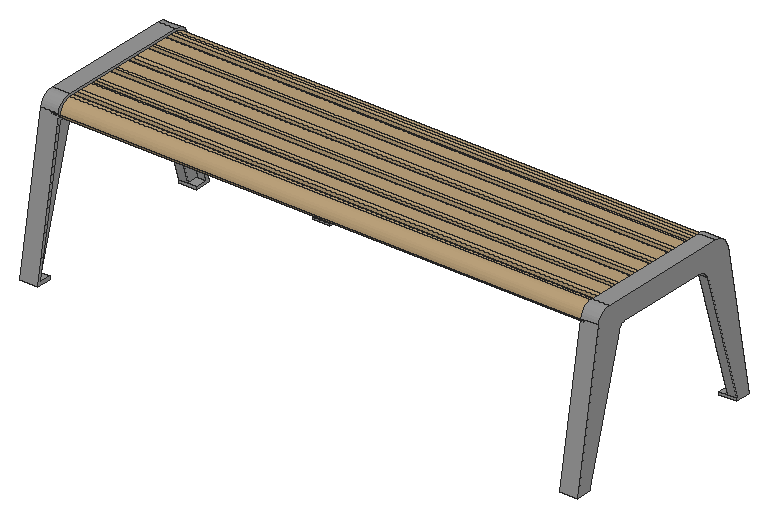
Revit family "L-FUR_벤치_DWB-110_데오스웍스", category 일반 모델, Revit 2019
Family settings
  보강 철근 호스트 가능 = 아니오
  원형 커넥터 치수 = 지름 사용
  부품 유형 = 보통
  작업 기준면 기반 = 아니오
  항상 수직 = 예
  로드될 때 보이드를 사용하여 절단 = 아니오
  공유 = 아니오
  룸 계산 점 = 아니오
Reference planes
  plane 1 "중심(앞/뒤)": y = 0
  plane 2: z = 0
  plane 3 "중심(왼쪽/오른쪽)": x = 0
Dimensions and locks
  aligned and locked: level to plane 2
Nested families
  nested 1: "L-FUR_벤치_DWB-110_데" at (40, 0, 0), type "L-FUR_벤치_DWB-110_데"
Definition of nested family "L-FUR_벤치_DWB-110_데"
  Reference planes
    plane 1 "중심(앞/뒤)": y = 0
    plane 2: z = 0
    plane 3 "중심(왼쪽/오른쪽)": x = 0
  Forms (mm)
    Extrusion 1, solid, not visible
      sketch origin (2866.146, -7230.521, 0) x (0, 1, 0) y (0, 0, 1)
        loop
          line (6412.283, -2995.066) -> (6337.407, -2582.461)
          arc (6337.407, -2582.461) -> (6323.284, -2558.499) -> (6297.118, -2549.064) r 41
          line (6297.118, -2549.064) -> (5915.253, -2549.064)
          arc (5915.253, -2549.064) -> (5889.087, -2558.499) -> (5874.964, -2582.461) r 41
          line (5874.964, -2582.461) -> (5800.087, -2995.066) -> (5843.06, -2995.066) -> (5843.06, -2987.066) -> (5946.149, -2631.429)
          arc (5946.149, -2631.429) -> (5956.977, -2615.991) -> (5974.879, -2610.064) r 30
          line (5974.879, -2610.064) -> (6106.185, -2610.064) -> (6237.491, -2610.064)
          arc (6237.491, -2610.064) -> (6255.393, -2615.991) -> (6266.222, -2631.429) r 30
          line (6266.222, -2631.429) -> (6369.311, -2987.066) -> (6369.311, -2995.066) -> (6412.283, -2995.066)
      from 0 to 50
    Extrusion 2, void, not visible
      sketch origin (2866.146, -7230.521, 0) x (0, 1, 0) y (0, 0, 1)
        loop
          line (5808.653, -2987.066) -> (5843.06, -2987.066) -> (5946.149, -2631.429)
          arc (5946.149, -2631.429) -> (5956.977, -2615.991) -> (5974.879, -2610.064) r 30
          line (5974.879, -2610.064) -> (6106.185, -2610.064) -> (6237.491, -2610.064)
          arc (6237.491, -2610.064) -> (6255.393, -2615.991) -> (6266.222, -2631.429) r 30
          line (6266.222, -2631.429) -> (6369.311, -2987.066) -> (6403.717, -2987.066) -> (6334.595, -2606.167)
          arc (6334.595, -2606.167) -> (6332.879, -2603.222) -> (6329.675, -2602.06) r 5
          line (6329.675, -2602.06) -> (5882.696, -2602.06)
          arc (5882.696, -2602.06) -> (5879.491, -2603.222) -> (5877.776, -2606.167) r 5
          line (5877.776, -2606.167) -> (5808.653, -2987.066)
        loop
          arc (5915.185, -2555.064) -> (5890.437, -2565.315) -> (5880.185, -2590.064) r 35
          arc (5880.185, -2590.064) -> (5881.719, -2593.668) -> (5885.38, -2595.06) r 5
          line (5885.38, -2595.06) -> (6327.012, -2595.061)
          arc (6327.012, -2595.061) -> (6330.659, -2593.66) -> (6332.185, -2590.064) r 5
          arc (6332.185, -2590.064) -> (6321.934, -2565.315) -> (6297.185, -2555.064) r 35
          line (6297.185, -2555.064) -> (5915.185, -2555.064)
      from 0 to 25
    Extrusion 3, solid, not visible
      sketch origin (2391.146, -7230.521, 0) x (0, 1, 0) y (0, 0, 1)
        loop
          line (5930.185, -2590.064) -> (5930.185, -2560.064)
          arc (5930.185, -2560.064) -> (5928.721, -2556.528) -> (5925.185, -2555.064) r 5
          line (5925.185, -2555.064) -> (5915.185, -2555.064)
          arc (5915.185, -2555.064) -> (5890.437, -2565.315) -> (5880.185, -2590.064) r 35
          arc (5880.185, -2590.064) -> (5881.65, -2593.599) -> (5885.185, -2595.064) r 5
          line (5885.185, -2595.064) -> (5925.185, -2595.064)
          arc (5925.185, -2595.064) -> (5928.721, -2593.599) -> (5930.185, -2590.064) r 5
        loop
          line (5947.185, -2560.064) -> (5947.185, -2590.064)
          arc (5947.185, -2590.064) -> (5948.65, -2593.599) -> (5952.185, -2595.064) r 5
          line (5952.185, -2595.064) -> (5992.185, -2595.064)
          arc (5992.185, -2595.064) -> (5995.721, -2593.599) -> (5997.185, -2590.064) r 5
          line (5997.185, -2590.064) -> (5997.185, -2560.064)
          arc (5997.185, -2560.064) -> (5995.721, -2556.528) -> (5992.185, -2555.064) r 5
          line (5992.185, -2555.064) -> (5952.185, -2555.064)
          arc (5952.185, -2555.064) -> (5948.65, -2556.528) -> (5947.185, -2560.064) r 5
        loop
          line (6014.185, -2560.064) -> (6014.185, -2590.064)
          arc (6014.185, -2590.064) -> (6015.65, -2593.599) -> (6019.185, -2595.064) r 5
          line (6019.185, -2595.064) -> (6059.185, -2595.064)
          arc (6059.185, -2595.064) -> (6062.721, -2593.599) -> (6064.185, -2590.064) r 5
          line (6064.185, -2590.064) -> (6064.185, -2560.064)
          arc (6064.185, -2560.064) -> (6062.721, -2556.528) -> (6059.185, -2555.064) r 5
          line (6059.185, -2555.064) -> (6019.185, -2555.064)
          arc (6019.185, -2555.064) -> (6015.65, -2556.528) -> (6014.185, -2560.064) r 5
        loop
          line (6081.185, -2560.064) -> (6081.185, -2590.064)
          arc (6081.185, -2590.064) -> (6082.65, -2593.599) -> (6086.185, -2595.064) r 5
          line (6086.185, -2595.064) -> (6126.185, -2595.064)
          arc (6126.185, -2595.064) -> (6129.721, -2593.599) -> (6131.185, -2590.064) r 5
          line (6131.185, -2590.064) -> (6131.185, -2560.064)
          arc (6131.185, -2560.064) -> (6129.721, -2556.528) -> (6126.185, -2555.064) r 5
          line (6126.185, -2555.064) -> (6086.185, -2555.064)
          arc (6086.185, -2555.064) -> (6082.65, -2556.528) -> (6081.185, -2560.064) r 5
        loop
          line (6148.185, -2560.064) -> (6148.185, -2590.064)
          arc (6148.185, -2590.064) -> (6149.65, -2593.599) -> (6153.185, -2595.064) r 5
          line (6153.185, -2595.064) -> (6193.185, -2595.064)
          arc (6193.185, -2595.064) -> (6196.721, -2593.599) -> (6198.185, -2590.064) r 5
          line (6198.185, -2590.064) -> (6198.185, -2560.064)
          arc (6198.185, -2560.064) -> (6196.721, -2556.528) -> (6193.185, -2555.064) r 5
          line (6193.185, -2555.064) -> (6153.185, -2555.064)
          arc (6153.185, -2555.064) -> (6149.65, -2556.528) -> (6148.185, -2560.064) r 5
        loop
          line (6215.185, -2560.064) -> (6215.185, -2590.064)
          arc (6215.185, -2590.064) -> (6216.65, -2593.599) -> (6220.185, -2595.064) r 5
          line (6220.185, -2595.064) -> (6260.185, -2595.064)
          arc (6260.185, -2595.064) -> (6263.721, -2593.599) -> (6265.185, -2590.064) r 5
          line (6265.185, -2590.064) -> (6265.185, -2560.064)
          arc (6265.185, -2560.064) -> (6263.721, -2556.528) -> (6260.185, -2555.064) r 5
          line (6260.185, -2555.064) -> (6220.185, -2555.064)
          arc (6220.185, -2555.064) -> (6216.65, -2556.528) -> (6215.185, -2560.064) r 5
        loop
          line (6282.185, -2560.064) -> (6282.185, -2590.064)
          arc (6282.185, -2590.064) -> (6283.65, -2593.599) -> (6287.185, -2595.064) r 5
          line (6287.185, -2595.064) -> (6327.185, -2595.064)
          arc (6327.185, -2595.064) -> (6330.721, -2593.599) -> (6332.185, -2590.064) r 5
          arc (6332.185, -2590.064) -> (6321.934, -2565.315) -> (6297.185, -2555.064) r 35
          line (6297.185, -2555.064) -> (6287.185, -2555.064)
          arc (6287.185, -2555.064) -> (6283.65, -2556.528) -> (6282.185, -2560.064) r 5
      from -1050 to 500
    Extrusion 4, solid, not visible
      sketch origin (0, -597.694, 0) x (1, 0, 0) y (0, 0, 1)
        loop
          line (2091.146, -2595.066) -> (2091.146, -2602.066) -> (2141.146, -2602.066) -> (2141.146, -2595.066) -> (2091.146, -2595.066)
      from 300.536 to 752.642
    Extrusion 5, solid, not visible
      sketch origin (2391.146, -7230.521, 0) x (0, 1, 0) y (0, 0, 1)
        loop
          line (5930.185, -2590.064) -> (5930.185, -2560.064)
          arc (5930.185, -2560.064) -> (5928.721, -2556.528) -> (5925.185, -2555.064) r 5
          line (5925.185, -2555.064) -> (5915.185, -2555.064)
          arc (5915.185, -2555.064) -> (5890.437, -2565.315) -> (5880.185, -2590.064) r 35
          arc (5880.185, -2590.064) -> (5881.65, -2593.599) -> (5885.185, -2595.064) r 5
          line (5885.185, -2595.064) -> (5925.185, -2595.064)
          arc (5925.185, -2595.064) -> (5928.721, -2593.599) -> (5930.185, -2590.064) r 5
        loop
          line (5947.185, -2560.064) -> (5947.185, -2590.064)
          arc (5947.185, -2590.064) -> (5948.65, -2593.599) -> (5952.185, -2595.064) r 5
          line (5952.185, -2595.064) -> (5992.185, -2595.064)
          arc (5992.185, -2595.064) -> (5995.721, -2593.599) -> (5997.185, -2590.064) r 5
          line (5997.185, -2590.064) -> (5997.185, -2560.064)
          arc (5997.185, -2560.064) -> (5995.721, -2556.528) -> (5992.185, -2555.064) r 5
          line (5992.185, -2555.064) -> (5952.185, -2555.064)
          arc (5952.185, -2555.064) -> (5948.65, -2556.528) -> (5947.185, -2560.064) r 5
        loop
          line (6014.185, -2560.064) -> (6014.185, -2590.064)
          arc (6014.185, -2590.064) -> (6015.65, -2593.599) -> (6019.185, -2595.064) r 5
          line (6019.185, -2595.064) -> (6059.185, -2595.064)
          arc (6059.185, -2595.064) -> (6062.721, -2593.599) -> (6064.185, -2590.064) r 5
          line (6064.185, -2590.064) -> (6064.185, -2560.064)
          arc (6064.185, -2560.064) -> (6062.721, -2556.528) -> (6059.185, -2555.064) r 5
          line (6059.185, -2555.064) -> (6019.185, -2555.064)
          arc (6019.185, -2555.064) -> (6015.65, -2556.528) -> (6014.185, -2560.064) r 5
        loop
          line (6081.185, -2560.064) -> (6081.185, -2590.064)
          arc (6081.185, -2590.064) -> (6082.65, -2593.599) -> (6086.185, -2595.064) r 5
          line (6086.185, -2595.064) -> (6126.185, -2595.064)
          arc (6126.185, -2595.064) -> (6129.721, -2593.599) -> (6131.185, -2590.064) r 5
          line (6131.185, -2590.064) -> (6131.185, -2560.064)
          arc (6131.185, -2560.064) -> (6129.721, -2556.528) -> (6126.185, -2555.064) r 5
          line (6126.185, -2555.064) -> (6086.185, -2555.064)
          arc (6086.185, -2555.064) -> (6082.65, -2556.528) -> (6081.185, -2560.064) r 5
        loop
          line (6148.185, -2560.064) -> (6148.185, -2590.064)
          arc (6148.185, -2590.064) -> (6149.65, -2593.599) -> (6153.185, -2595.064) r 5
          line (6153.185, -2595.064) -> (6193.185, -2595.064)
          arc (6193.185, -2595.064) -> (6196.721, -2593.599) -> (6198.185, -2590.064) r 5
          line (6198.185, -2590.064) -> (6198.185, -2560.064)
          arc (6198.185, -2560.064) -> (6196.721, -2556.528) -> (6193.185, -2555.064) r 5
          line (6193.185, -2555.064) -> (6153.185, -2555.064)
          arc (6153.185, -2555.064) -> (6149.65, -2556.528) -> (6148.185, -2560.064) r 5
        loop
          line (6215.185, -2560.064) -> (6215.185, -2590.064)
          arc (6215.185, -2590.064) -> (6216.65, -2593.599) -> (6220.185, -2595.064) r 5
          line (6220.185, -2595.064) -> (6260.185, -2595.064)
          arc (6260.185, -2595.064) -> (6263.721, -2593.599) -> (6265.185, -2590.064) r 5
          line (6265.185, -2590.064) -> (6265.185, -2560.064)
          arc (6265.185, -2560.064) -> (6263.721, -2556.528) -> (6260.185, -2555.064) r 5
          line (6260.185, -2555.064) -> (6220.185, -2555.064)
          arc (6220.185, -2555.064) -> (6216.65, -2556.528) -> (6215.185, -2560.064) r 5
        loop
          line (6282.185, -2560.064) -> (6282.185, -2590.064)
          arc (6282.185, -2590.064) -> (6283.65, -2593.599) -> (6287.185, -2595.064) r 5
          line (6287.185, -2595.064) -> (6327.185, -2595.064)
          arc (6327.185, -2595.064) -> (6330.721, -2593.599) -> (6332.185, -2590.064) r 5
          arc (6332.185, -2590.064) -> (6321.934, -2565.315) -> (6297.185, -2555.064) r 35
          line (6297.185, -2555.064) -> (6287.185, -2555.064)
          arc (6287.185, -2555.064) -> (6283.65, -2556.528) -> (6282.185, -2560.064) r 5
      from -1050 to 500
    Extrusion 6, solid, not visible
      sketch origin (0, -597.694, 0) x (1, 0, 0) y (0, 0, 1)
        loop
          line (2091.146, -2595.066) -> (2091.146, -2602.066) -> (2141.146, -2602.066) -> (2141.146, -2595.066) -> (2091.146, -2595.066)
      from 300.536 to 752.642
    Extrusion 7, solid, not visible
      sketch origin (2866.146, -7230.521, 0) x (0, 1, 0) y (0, 0, 1)
        loop
          line (6412.283, -2995.066) -> (6337.407, -2582.461)
          arc (6337.407, -2582.461) -> (6323.284, -2558.499) -> (6297.118, -2549.064) r 41
          line (6297.118, -2549.064) -> (5915.253, -2549.064)
          arc (5915.253, -2549.064) -> (5889.087, -2558.499) -> (5874.964, -2582.461) r 41
          line (5874.964, -2582.461) -> (5800.087, -2995.066) -> (5843.06, -2995.066) -> (5843.06, -2987.066) -> (5946.149, -2631.429)
          arc (5946.149, -2631.429) -> (5956.977, -2615.991) -> (5974.879, -2610.064) r 30
          line (5974.879, -2610.064) -> (6106.185, -2610.064) -> (6237.491, -2610.064)
          arc (6237.491, -2610.064) -> (6255.393, -2615.991) -> (6266.222, -2631.429) r 30
          line (6266.222, -2631.429) -> (6369.311, -2987.066) -> (6369.311, -2995.066) -> (6412.283, -2995.066)
      from 0 to 50
    Extrusion 8, void, not visible
      sketch origin (2866.146, -7230.521, 0) x (0, 1, 0) y (0, 0, 1)
        loop
          line (5808.653, -2987.066) -> (5843.06, -2987.066) -> (5946.149, -2631.429)
          arc (5946.149, -2631.429) -> (5956.977, -2615.991) -> (5974.879, -2610.064) r 30
          line (5974.879, -2610.064) -> (6106.185, -2610.064) -> (6237.491, -2610.064)
          arc (6237.491, -2610.064) -> (6255.393, -2615.991) -> (6266.222, -2631.429) r 30
          line (6266.222, -2631.429) -> (6369.311, -2987.066) -> (6403.717, -2987.066) -> (6334.595, -2606.167)
          arc (6334.595, -2606.167) -> (6332.879, -2603.222) -> (6329.675, -2602.06) r 5
          line (6329.675, -2602.06) -> (5882.696, -2602.06)
          arc (5882.696, -2602.06) -> (5879.491, -2603.222) -> (5877.776, -2606.167) r 5
          line (5877.776, -2606.167) -> (5808.653, -2987.066)
        loop
          arc (5915.185, -2555.064) -> (5890.437, -2565.315) -> (5880.185, -2590.064) r 35
          arc (5880.185, -2590.064) -> (5881.719, -2593.668) -> (5885.38, -2595.06) r 5
          line (5885.38, -2595.06) -> (6327.012, -2595.061)
          arc (6327.012, -2595.061) -> (6330.659, -2593.66) -> (6332.185, -2590.064) r 5
          arc (6332.185, -2590.064) -> (6321.934, -2565.315) -> (6297.185, -2555.064) r 35
          line (6297.185, -2555.064) -> (5915.185, -2555.064)
      from 0 to 25
    Extrusion 9, solid, not visible
      sketch origin (2391.146, -7230.521, 0) x (0, 1, 0) y (0, 0, 1)
        loop
          line (5930.185, -2590.064) -> (5930.185, -2560.064)
          arc (5930.185, -2560.064) -> (5928.721, -2556.528) -> (5925.185, -2555.064) r 5
          line (5925.185, -2555.064) -> (5915.185, -2555.064)
          arc (5915.185, -2555.064) -> (5890.437, -2565.315) -> (5880.185, -2590.064) r 35
          arc (5880.185, -2590.064) -> (5881.65, -2593.599) -> (5885.185, -2595.064) r 5
          line (5885.185, -2595.064) -> (5925.185, -2595.064)
          arc (5925.185, -2595.064) -> (5928.721, -2593.599) -> (5930.185, -2590.064) r 5
        loop
          line (5947.185, -2560.064) -> (5947.185, -2590.064)
          arc (5947.185, -2590.064) -> (5948.65, -2593.599) -> (5952.185, -2595.064) r 5
          line (5952.185, -2595.064) -> (5992.185, -2595.064)
          arc (5992.185, -2595.064) -> (5995.721, -2593.599) -> (5997.185, -2590.064) r 5
          line (5997.185, -2590.064) -> (5997.185, -2560.064)
          arc (5997.185, -2560.064) -> (5995.721, -2556.528) -> (5992.185, -2555.064) r 5
          line (5992.185, -2555.064) -> (5952.185, -2555.064)
          arc (5952.185, -2555.064) -> (5948.65, -2556.528) -> (5947.185, -2560.064) r 5
        loop
          line (6014.185, -2560.064) -> (6014.185, -2590.064)
          arc (6014.185, -2590.064) -> (6015.65, -2593.599) -> (6019.185, -2595.064) r 5
          line (6019.185, -2595.064) -> (6059.185, -2595.064)
          arc (6059.185, -2595.064) -> (6062.721, -2593.599) -> (6064.185, -2590.064) r 5
          line (6064.185, -2590.064) -> (6064.185, -2560.064)
          arc (6064.185, -2560.064) -> (6062.721, -2556.528) -> (6059.185, -2555.064) r 5
          line (6059.185, -2555.064) -> (6019.185, -2555.064)
          arc (6019.185, -2555.064) -> (6015.65, -2556.528) -> (6014.185, -2560.064) r 5
        loop
          line (6081.185, -2560.064) -> (6081.185, -2590.064)
          arc (6081.185, -2590.064) -> (6082.65, -2593.599) -> (6086.185, -2595.064) r 5
          line (6086.185, -2595.064) -> (6126.185, -2595.064)
          arc (6126.185, -2595.064) -> (6129.721, -2593.599) -> (6131.185, -2590.064) r 5
          line (6131.185, -2590.064) -> (6131.185, -2560.064)
          arc (6131.185, -2560.064) -> (6129.721, -2556.528) -> (6126.185, -2555.064) r 5
          line (6126.185, -2555.064) -> (6086.185, -2555.064)
          arc (6086.185, -2555.064) -> (6082.65, -2556.528) -> (6081.185, -2560.064) r 5
        loop
          line (6148.185, -2560.064) -> (6148.185, -2590.064)
          arc (6148.185, -2590.064) -> (6149.65, -2593.599) -> (6153.185, -2595.064) r 5
          line (6153.185, -2595.064) -> (6193.185, -2595.064)
          arc (6193.185, -2595.064) -> (6196.721, -2593.599) -> (6198.185, -2590.064) r 5
          line (6198.185, -2590.064) -> (6198.185, -2560.064)
          arc (6198.185, -2560.064) -> (6196.721, -2556.528) -> (6193.185, -2555.064) r 5
          line (6193.185, -2555.064) -> (6153.185, -2555.064)
          arc (6153.185, -2555.064) -> (6149.65, -2556.528) -> (6148.185, -2560.064) r 5
        loop
          line (6215.185, -2560.064) -> (6215.185, -2590.064)
          arc (6215.185, -2590.064) -> (6216.65, -2593.599) -> (6220.185, -2595.064) r 5
          line (6220.185, -2595.064) -> (6260.185, -2595.064)
          arc (6260.185, -2595.064) -> (6263.721, -2593.599) -> (6265.185, -2590.064) r 5
          line (6265.185, -2590.064) -> (6265.185, -2560.064)
          arc (6265.185, -2560.064) -> (6263.721, -2556.528) -> (6260.185, -2555.064) r 5
          line (6260.185, -2555.064) -> (6220.185, -2555.064)
          arc (6220.185, -2555.064) -> (6216.65, -2556.528) -> (6215.185, -2560.064) r 5
        loop
          line (6282.185, -2560.064) -> (6282.185, -2590.064)
          arc (6282.185, -2590.064) -> (6283.65, -2593.599) -> (6287.185, -2595.064) r 5
          line (6287.185, -2595.064) -> (6327.185, -2595.064)
          arc (6327.185, -2595.064) -> (6330.721, -2593.599) -> (6332.185, -2590.064) r 5
          arc (6332.185, -2590.064) -> (6321.934, -2565.315) -> (6297.185, -2555.064) r 35
          line (6297.185, -2555.064) -> (6287.185, -2555.064)
          arc (6287.185, -2555.064) -> (6283.65, -2556.528) -> (6282.185, -2560.064) r 5
      from -1050 to 500
    Extrusion 10, solid, not visible
      sketch origin (1366.146, 4981.85, 0) x (0, -1, 0) y (0, 0, 1)
        loop
          line (6412.283, -2995.066) -> (6337.407, -2582.461)
          arc (6337.407, -2582.461) -> (6323.284, -2558.499) -> (6297.118, -2549.064) r 41
          line (6297.118, -2549.064) -> (5915.253, -2549.064)
          arc (5915.253, -2549.064) -> (5889.087, -2558.499) -> (5874.964, -2582.461) r 41
          line (5874.964, -2582.461) -> (5800.087, -2995.066) -> (5843.06, -2995.066) -> (5843.06, -2987.066) -> (5946.149, -2631.429)
          arc (5946.149, -2631.429) -> (5956.977, -2615.991) -> (5974.879, -2610.064) r 30
          line (5974.879, -2610.064) -> (6106.185, -2610.064) -> (6237.491, -2610.064)
          arc (6237.491, -2610.064) -> (6255.393, -2615.991) -> (6266.222, -2631.429) r 30
          line (6266.222, -2631.429) -> (6369.311, -2987.066) -> (6369.311, -2995.066) -> (6412.283, -2995.066)
      from 0 to 50
    Extrusion 11, void, not visible
      sketch origin (1366.146, 4981.85, 0) x (0, -1, 0) y (0, 0, 1)
        loop
          line (5808.653, -2987.066) -> (5843.06, -2987.066) -> (5946.149, -2631.429)
          arc (5946.149, -2631.429) -> (5956.977, -2615.991) -> (5974.879, -2610.064) r 30
          line (5974.879, -2610.064) -> (6106.185, -2610.064) -> (6237.491, -2610.064)
          arc (6237.491, -2610.064) -> (6255.393, -2615.991) -> (6266.222, -2631.429) r 30
          line (6266.222, -2631.429) -> (6369.311, -2987.066) -> (6403.717, -2987.066) -> (6334.595, -2606.167)
          arc (6334.595, -2606.167) -> (6332.879, -2603.222) -> (6329.675, -2602.06) r 5
          line (6329.675, -2602.06) -> (5882.696, -2602.06)
          arc (5882.696, -2602.06) -> (5879.491, -2603.222) -> (5877.776, -2606.167) r 5
          line (5877.776, -2606.167) -> (5808.653, -2987.066)
        loop
          arc (5915.185, -2555.064) -> (5890.437, -2565.315) -> (5880.185, -2590.064) r 35
          arc (5880.185, -2590.064) -> (5881.719, -2593.668) -> (5885.38, -2595.06) r 5
          line (5885.38, -2595.06) -> (6327.012, -2595.061)
          arc (6327.012, -2595.061) -> (6330.659, -2593.66) -> (6332.185, -2590.064) r 5
          arc (6332.185, -2590.064) -> (6321.934, -2565.315) -> (6297.185, -2555.064) r 35
          line (6297.185, -2555.064) -> (5915.185, -2555.064)
      from 0 to 25
    Extrusion 12, solid, not visible
      sketch origin (0, -597.694, 0) x (1, 0, 0) y (0, 0, 1)
        loop
          line (2091.146, -2595.066) -> (2091.146, -2602.066) -> (2141.146, -2602.066) -> (2141.146, -2595.066) -> (2091.146, -2595.066)
      from 300.536 to 752.642
    Extrusion 13, solid
      sketch origin (1525, -5800.087, 2995.066) x (0, 1, 0) y (0, 0, 1)
        loop
          line (6412.283, -2995.066) -> (6337.407, -2582.461)
          arc (6337.407, -2582.461) -> (6323.284, -2558.499) -> (6297.118, -2549.064) r 41
          line (6297.118, -2549.064) -> (5915.253, -2549.064)
          arc (5915.253, -2549.064) -> (5889.087, -2558.499) -> (5874.964, -2582.461) r 41
          line (5874.964, -2582.461) -> (5800.087, -2995.066) -> (5843.06, -2995.066) -> (5843.06, -2987.066) -> (5946.149, -2631.429)
          arc (5946.149, -2631.429) -> (5956.977, -2615.991) -> (5974.879, -2610.064) r 30
          line (5974.879, -2610.064) -> (6106.185, -2610.064) -> (6237.491, -2610.064)
          arc (6237.491, -2610.064) -> (6255.393, -2615.991) -> (6266.222, -2631.429) r 30
          line (6266.222, -2631.429) -> (6369.311, -2987.066) -> (6369.311, -2995.066) -> (6412.283, -2995.066)
      from 0 to 50
    Extrusion 14, void
      sketch origin (1525, -5800.087, 2995.066) x (0, 1, 0) y (0, 0, 1)
        loop
          line (5808.653, -2987.066) -> (5843.06, -2987.066) -> (5946.149, -2631.429)
          arc (5946.149, -2631.429) -> (5956.977, -2615.991) -> (5974.879, -2610.064) r 30
          line (5974.879, -2610.064) -> (6106.185, -2610.064) -> (6237.491, -2610.064)
          arc (6237.491, -2610.064) -> (6255.393, -2615.991) -> (6266.222, -2631.429) r 30
          line (6266.222, -2631.429) -> (6369.311, -2987.066) -> (6403.717, -2987.066) -> (6334.595, -2606.167)
          arc (6334.595, -2606.167) -> (6332.879, -2603.222) -> (6329.675, -2602.06) r 5
          line (6329.675, -2602.06) -> (5882.696, -2602.06)
          arc (5882.696, -2602.06) -> (5879.491, -2603.222) -> (5877.776, -2606.167) r 5
          line (5877.776, -2606.167) -> (5808.653, -2987.066)
        loop
          arc (5915.185, -2555.064) -> (5890.437, -2565.315) -> (5880.185, -2590.064) r 35
          arc (5880.185, -2590.064) -> (5881.719, -2593.668) -> (5885.38, -2595.06) r 5
          line (5885.38, -2595.06) -> (6327.012, -2595.061)
          arc (6327.012, -2595.061) -> (6330.659, -2593.66) -> (6332.185, -2590.064) r 5
          arc (6332.185, -2590.064) -> (6321.934, -2565.315) -> (6297.185, -2555.064) r 35
          line (6297.185, -2555.064) -> (5915.185, -2555.064)
      from 0 to 25
    Extrusion 15, solid
      sketch origin (1050, -5800.087, 2995.066) x (0, 1, 0) y (0, 0, 1)
        loop
          line (5930.185, -2590.064) -> (5930.185, -2560.064)
          arc (5930.185, -2560.064) -> (5928.721, -2556.528) -> (5925.185, -2555.064) r 5
          line (5925.185, -2555.064) -> (5915.185, -2555.064)
          arc (5915.185, -2555.064) -> (5890.437, -2565.315) -> (5880.185, -2590.064) r 35
          arc (5880.185, -2590.064) -> (5881.65, -2593.599) -> (5885.185, -2595.064) r 5
          line (5885.185, -2595.064) -> (5925.185, -2595.064)
          arc (5925.185, -2595.064) -> (5928.721, -2593.599) -> (5930.185, -2590.064) r 5
        loop
          line (5947.185, -2560.064) -> (5947.185, -2590.064)
          arc (5947.185, -2590.064) -> (5948.65, -2593.599) -> (5952.185, -2595.064) r 5
          line (5952.185, -2595.064) -> (5992.185, -2595.064)
          arc (5992.185, -2595.064) -> (5995.721, -2593.599) -> (5997.185, -2590.064) r 5
          line (5997.185, -2590.064) -> (5997.185, -2560.064)
          arc (5997.185, -2560.064) -> (5995.721, -2556.528) -> (5992.185, -2555.064) r 5
          line (5992.185, -2555.064) -> (5952.185, -2555.064)
          arc (5952.185, -2555.064) -> (5948.65, -2556.528) -> (5947.185, -2560.064) r 5
        loop
          line (6014.185, -2560.064) -> (6014.185, -2590.064)
          arc (6014.185, -2590.064) -> (6015.65, -2593.599) -> (6019.185, -2595.064) r 5
          line (6019.185, -2595.064) -> (6059.185, -2595.064)
          arc (6059.185, -2595.064) -> (6062.721, -2593.599) -> (6064.185, -2590.064) r 5
          line (6064.185, -2590.064) -> (6064.185, -2560.064)
          arc (6064.185, -2560.064) -> (6062.721, -2556.528) -> (6059.185, -2555.064) r 5
          line (6059.185, -2555.064) -> (6019.185, -2555.064)
          arc (6019.185, -2555.064) -> (6015.65, -2556.528) -> (6014.185, -2560.064) r 5
        loop
          line (6081.185, -2560.064) -> (6081.185, -2590.064)
          arc (6081.185, -2590.064) -> (6082.65, -2593.599) -> (6086.185, -2595.064) r 5
          line (6086.185, -2595.064) -> (6126.185, -2595.064)
          arc (6126.185, -2595.064) -> (6129.721, -2593.599) -> (6131.185, -2590.064) r 5
          line (6131.185, -2590.064) -> (6131.185, -2560.064)
          arc (6131.185, -2560.064) -> (6129.721, -2556.528) -> (6126.185, -2555.064) r 5
          line (6126.185, -2555.064) -> (6086.185, -2555.064)
          arc (6086.185, -2555.064) -> (6082.65, -2556.528) -> (6081.185, -2560.064) r 5
        loop
          line (6148.185, -2560.064) -> (6148.185, -2590.064)
          arc (6148.185, -2590.064) -> (6149.65, -2593.599) -> (6153.185, -2595.064) r 5
          line (6153.185, -2595.064) -> (6193.185, -2595.064)
          arc (6193.185, -2595.064) -> (6196.721, -2593.599) -> (6198.185, -2590.064) r 5
          line (6198.185, -2590.064) -> (6198.185, -2560.064)
          arc (6198.185, -2560.064) -> (6196.721, -2556.528) -> (6193.185, -2555.064) r 5
          line (6193.185, -2555.064) -> (6153.185, -2555.064)
          arc (6153.185, -2555.064) -> (6149.65, -2556.528) -> (6148.185, -2560.064) r 5
        loop
          line (6215.185, -2560.064) -> (6215.185, -2590.064)
          arc (6215.185, -2590.064) -> (6216.65, -2593.599) -> (6220.185, -2595.064) r 5
          line (6220.185, -2595.064) -> (6260.185, -2595.064)
          arc (6260.185, -2595.064) -> (6263.721, -2593.599) -> (6265.185, -2590.064) r 5
          line (6265.185, -2590.064) -> (6265.185, -2560.064)
          arc (6265.185, -2560.064) -> (6263.721, -2556.528) -> (6260.185, -2555.064) r 5
          line (6260.185, -2555.064) -> (6220.185, -2555.064)
          arc (6220.185, -2555.064) -> (6216.65, -2556.528) -> (6215.185, -2560.064) r 5
        loop
          line (6282.185, -2560.064) -> (6282.185, -2590.064)
          arc (6282.185, -2590.064) -> (6283.65, -2593.599) -> (6287.185, -2595.064) r 5
          line (6287.185, -2595.064) -> (6327.185, -2595.064)
          arc (6327.185, -2595.064) -> (6330.721, -2593.599) -> (6332.185, -2590.064) r 5
          arc (6332.185, -2590.064) -> (6321.934, -2565.315) -> (6297.185, -2555.064) r 35
          line (6297.185, -2555.064) -> (6287.185, -2555.064)
          arc (6287.185, -2555.064) -> (6283.65, -2556.528) -> (6282.185, -2560.064) r 5
      from -1050 to 500
    Extrusion 16, solid
      sketch origin (25, 6412.283, 2995.066) x (0, -1, 0) y (0, 0, 1)
        loop
          line (6412.283, -2995.066) -> (6337.407, -2582.461)
          arc (6337.407, -2582.461) -> (6323.284, -2558.499) -> (6297.118, -2549.064) r 41
          line (6297.118, -2549.064) -> (5915.253, -2549.064)
          arc (5915.253, -2549.064) -> (5889.087, -2558.499) -> (5874.964, -2582.461) r 41
          line (5874.964, -2582.461) -> (5800.087, -2995.066) -> (5843.06, -2995.066) -> (5843.06, -2987.066) -> (5946.149, -2631.429)
          arc (5946.149, -2631.429) -> (5956.977, -2615.991) -> (5974.879, -2610.064) r 30
          line (5974.879, -2610.064) -> (6106.185, -2610.064) -> (6237.491, -2610.064)
          arc (6237.491, -2610.064) -> (6255.393, -2615.991) -> (6266.222, -2631.429) r 30
          line (6266.222, -2631.429) -> (6369.311, -2987.066) -> (6369.311, -2995.066) -> (6412.283, -2995.066)
      from 0 to 50
    Extrusion 17, void
      sketch origin (25, 6412.283, 2995.066) x (0, -1, 0) y (0, 0, 1)
        loop
          line (5808.653, -2987.066) -> (5843.06, -2987.066) -> (5946.149, -2631.429)
          arc (5946.149, -2631.429) -> (5956.977, -2615.991) -> (5974.879, -2610.064) r 30
          line (5974.879, -2610.064) -> (6106.185, -2610.064) -> (6237.491, -2610.064)
          arc (6237.491, -2610.064) -> (6255.393, -2615.991) -> (6266.222, -2631.429) r 30
          line (6266.222, -2631.429) -> (6369.311, -2987.066) -> (6403.717, -2987.066) -> (6334.595, -2606.167)
          arc (6334.595, -2606.167) -> (6332.879, -2603.222) -> (6329.675, -2602.06) r 5
          line (6329.675, -2602.06) -> (5882.696, -2602.06)
          arc (5882.696, -2602.06) -> (5879.491, -2603.222) -> (5877.776, -2606.167) r 5
          line (5877.776, -2606.167) -> (5808.653, -2987.066)
        loop
          arc (5915.185, -2555.064) -> (5890.437, -2565.315) -> (5880.185, -2590.064) r 35
          arc (5880.185, -2590.064) -> (5881.719, -2593.668) -> (5885.38, -2595.06) r 5
          line (5885.38, -2595.06) -> (6327.012, -2595.061)
          arc (6327.012, -2595.061) -> (6330.659, -2593.66) -> (6332.185, -2590.064) r 5
          arc (6332.185, -2590.064) -> (6321.934, -2565.315) -> (6297.185, -2555.064) r 35
          line (6297.185, -2555.064) -> (5915.185, -2555.064)
      from 0 to 25
    Extrusion 18, solid
      sketch origin (-1341.146, 832.74, 2995.066) x (1, 0, 0) y (0, 0, 1)
        loop
          line (2091.146, -2595.066) -> (2091.146, -2602.066) -> (2141.146, -2602.066) -> (2141.146, -2595.066) -> (2091.146, -2595.066)
      from 300.536 to 752.642
  Cuts and joins
    Extrusion 14 cuts Extrusion 13
    Extrusion 17 cuts Extrusion 16
  Dimensions and locks
    aligned and locked: level to plane 2
